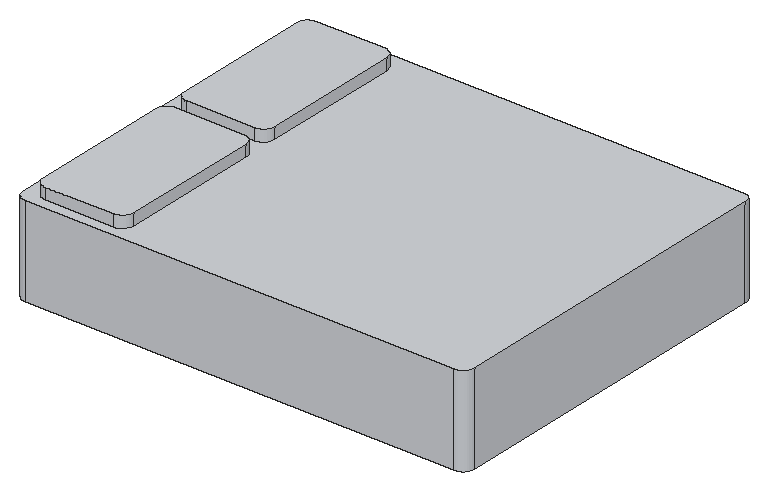
Revit family "Bed", category Furniture, Revit 2027
Family settings
  Classification Number = 23.40.20.00
  Work Plane-Based = Yes
  Enable Cutting in Views = No
  Always vertical = Yes
  Cut with Voids When Loaded = No
  Render Appearance Source = Family Geometry
  Shared = No
  Room Calculation Point = No
Parameters (values of type "1600x2000mm")
  Single bed = no
  Pillow materiale = none
  Double bed = yes
  Distance from wall = 50 mm
  Default Elevation = 0 mm
  Creator Build [instance] = "2023.0405.0"  # constant formula
  Corner rounding = 50 mm
  Bed width = 1600 mm
  Bed materiale = none
  Bed length = 2000 mm
Types (5, lengths in mm): name | Single bed | Double bed | Bed width
  900x2000mm | yes | no | 900
  1600x2000mm | no | yes | 1600
  1800x2000mm | no | yes | 2000
  800x2000mm | yes | no | 800
  1400x2000mm | no | yes | 1400
Reference planes
  plane 1 "Center (Front/Back)": y = 0
  plane 2: z = 0
  plane 3 "Center (Left/Right)": x = 0
  plane 4: y = 800
  plane 5: y = -800
  plane 6 "Top bed": z = 400
  plane 7: x = 50
  plane 8 "Bed length": x = 2050
Forms (mm)
  Extrusion 1, solid, material <- "Bed materiale"
    sketch origin (0, 0, 0) x (1, 0, 0) y (0, 1, 0)
      loop
        arc (100, 800) -> (64.645, 785.355) -> (50, 750) r 50
        line (50, 750) -> (50, -750)
        arc (50, -750) -> (64.645, -785.355) -> (100, -800) r 50
        line (100, -800) -> (2000, -800)
        arc (2000, -800) -> (2035.355, -785.355) -> (2050, -750) r 50
        line (2050, -750) -> (2050, 750)
        arc (2050, 750) -> (2035.355, 785.355) -> (2000, 800) r 50
        line (2000, 800) -> (100, 800)
    from 0 to 400
  Extrusion 2, solid, material <- "Pillow materiale", visible <- "Double bed"
    sketch origin (0, 0, 400) x (-1, 0, 0) y (0, -1, 0)
      loop
        line (-150, 750) -> (-450, 750)
        arc (-450, 750) -> (-485.355, 735.355) -> (-500, 700) r 50
        line (-500, 700) -> (-500, 80)
        arc (-500, 80) -> (-485.355, 44.645) -> (-450, 30) r 50
        line (-450, 30) -> (-150, 30)
        arc (-150, 30) -> (-114.645, 44.645) -> (-100, 80) r 50
        line (-100, 80) -> (-100, 700)
        arc (-100, 700) -> (-114.645, 735.355) -> (-150, 750) r 50
      loop
        arc (-150, -750) -> (-114.645, -735.355) -> (-100, -700) r 50
        line (-100, -700) -> (-100, -80)
        arc (-100, -80) -> (-114.645, -44.645) -> (-150, -30) r 50
        line (-150, -30) -> (-450, -30)
        arc (-450, -30) -> (-485.355, -44.645) -> (-500, -80) r 50
        line (-500, -80) -> (-500, -700)
        arc (-500, -700) -> (-485.355, -735.355) -> (-450, -750) r 50
        line (-450, -750) -> (-150, -750)
    from 0 to 50
  Extrusion 3, solid, material <- "Pillow materiale", visible <- "Single bed"
    sketch origin (0, 0, 400) x (-1, 0, 0) y (0, -1, 0)
      loop
        line (-150, 750) -> (-450, 750)
        arc (-450, 750) -> (-485.355, 735.355) -> (-500, 700) r 50
        line (-500, 700) -> (-500, -700)
        arc (-500, -700) -> (-485.355, -735.355) -> (-450, -750) r 50
        line (-450, -750) -> (-150, -750)
        arc (-150, -750) -> (-114.645, -735.355) -> (-100, -700) r 50
        line (-100, -700) -> (-100, 700)
        arc (-100, 700) -> (-114.645, 735.355) -> (-150, 750) r 50
    from 0 to 50
Dimensions and locks
  "Distance from wall": plane 3 "Center (Left/Right)" to Extrusion 1 sketch curve
  equal spacing: plane 4, plane 1 "Center (Front/Back)", plane 5
  "Bed width": plane 4 to plane 5
  "Corner rounding": plane 5 to Extrusion 2 sketch curve
  "Corner rounding": Extrusion 1 to Extrusion 2 sketch curve  (x2)
  "Corner rounding": plane 4 to Extrusion 2 sketch curve
  locked: Extrusion 3 sketch curve to Extrusion 3 sketch curve at 400
  "Corner rounding": Extrusion 1 to Extrusion 3 sketch curve
  "Corner rounding": plane 4 to Extrusion 3 sketch curve
  "Corner rounding": plane 5 to Extrusion 3 sketch curve
  locked: Extrusion 2 sketch curve to Extrusion 2 sketch curve at 400  (x2)
  equal spacing: Extrusion 2 sketch curve, plane 1 "Center (Front/Back)", Extrusion 2 sketch curve
  "Distance from wall": plane 3 "Center (Left/Right)" to plane 7
  "Bed length": plane 7 to plane 8 "Bed length"
  "Corner rounding": radius of Extrusion 1 sketch curve  (x4)
  "Corner rounding": radius of Extrusion 2 sketch curve  (x8)
  "Corner rounding": radius of Extrusion 3 sketch curve  (x4)
  aligned and locked: level to plane 2
  aligned and locked: Extrusion 1 sketch curve to plane 4
  aligned and locked: Extrusion 1 sketch curve to plane 5
  aligned and locked: plane 6 "Top bed" to Extrusion 1
  aligned and locked: plane 8 "Bed length" to Extrusion 1
Automatic sketch dimensions
  Extrusion 1 sketch curve to plane 8 "Bed length" = 0 mm
  Extrusion 2 sketch curve to plane 1 "Center (Front/Back)" = 80 mm
